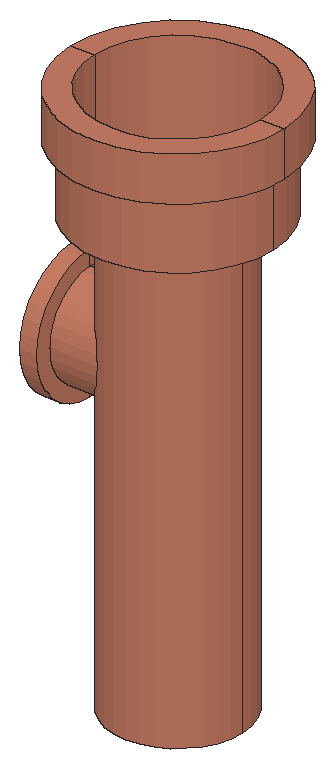
Revit family
Parameters (values of type "4510-02")
  Weight (lb) = 6.3
  Warranty = "1 year material and workmanship"  # constant formula
  URL = "http://www.jrsmith.com"
  Top Hub = Pipe Radius + 19/32"  # 1 19/32"
  Technical and Installation = "http://jrsmith.com/products/cleanout/tech_data_index.htm"
  SmartBIM Object Version = 3  # constant formula
  SmartBIM Object Created By = "Reed Construction Data"  # constant formula
  Product URL = "http://jrsmith.com/products/cleanout/cleanouts_4510_4530.htm"
  Pipe Radius = Pipe Diameter / 2  # 1"
  Pipe Diameter = 2"
  OmniClass Title = "Facility Drainage Piping Cleanouts"  # constant formula
  OmniClass Code = "22-22 13 19 13"  # constant formula
  No Hub Connection = yes
  Model = "4510"  # constant formula
  Material Finish = Duco Coated
  Material = Cast Iron
  Manufacturer = "Jay R. Smith Mfg. Co. "  # constant formula
  Floor Offset = 6"
  F = 2"
  Description = "Duco Cast Iron Cleanout Tee and Countersunk Plug with Stainless Steel Round Cover and Screw as Indicated by Figure Number Selected.\r\nCountersunk Plug with Stainless Steel\r\nRound Cover and Screw as Indicated\r\nby Figure Number Selected."  # constant formula
  Default Elevation = 48"
  D = 3/4"
  Connection Type = ""
  C = 10 1/2"
  B = 2 1/8"
  Assembly Code = "D2030400"
  95 CSI = "15155"  # constant formula
  04 CSI = "22 13 19"  # constant formula
Types (5): name | Weight (lb) | Top Hub | Pipe Radius | Pipe Diameter | F | D | C | B
  4510-02 | 6.3 | 1 19/32" | 1" | 2" | 2" | 3/4" | 10 1/2" | 2 1/8"
  4510-03 | 10 | 2 3/32" | 1 1/2" | 3" | 2 1/2" | 1 1/4" | 11 3/4" | 2 3/4"
  4510-04 | 13.74 | 2 19/32" | 2" | 4" | 3" | 1 1/4" | 12" | 2 3/4"
  4510-05 | 22.75 | 3 3/32" | 2 1/2" | 5" | 4" | 2 1/4" | 13" | 3 1/2"
  4510-06 | 36.2 | 3 19/32" | 3" | 6" | 4 1/2" | 3" | 16" | 4 5/8"
Reference planes (in)
  plane 1 "Center (Front/Back)": y = 0
  plane 2: z = 0
  plane 3 "Center (Left/Right)": x = 0
  plane 4: z = 0
Dimensions and locks (in)
  locked: plane 4 to level
  aligned and locked: plane 3 "Center (Left/Right)" to nested 1
  aligned and locked: nested 1 to plane 4
Nested families (in)
  nested 1: "4510" at (0, 0, 0), type "2" Diameter Outlet"
    with Top Hub 1 1/2", F 2", E 6", D 3/4", C 10 1/2", B 2 1/8", A 1"
Connectors (in)
  piping at (0, 0, 0.125), driven by "Top Hub"
    settings: on nested 1, index 1
  piping at (0, 0, -10.5), driven by "Pipe Radius"
    settings: on nested 1, index 2
Definition of nested family "4510"
  Parameters (values of type "2" Diameter Outlet")
    URL = ""
    Top Hub = A + 1/2"  # 3 1/2"
    Model = ""
    Material Finish = Duco Coated
    Material = none
    Manufacturer = ""
    F = 4 1/2"
    E = 9"
    Description = ""
    D = 3"
    C = 16"
    B = 4 5/8"
    Assembly Code = ""
    A = 3"
  Reference planes (in)
    plane 1 "Center (Front/Back)": y = 0
    plane 2: z = 0
    plane 3 "Center (Left/Right)": x = 0
    plane 4: z = 0
    plane 5: z = -16
    plane 6: z = -8.83929
    plane 7: x = 0
    plane 8: z = -7
    plane 9: x = -4.5
    plane 10: x = -4.17391
  Forms (in)
    Revolve 1, solid, material "Duco Coated" <- "Material Finish", detail levels medium+fine
      sketch origin (-2.86719, 0, -5.25) x (0, 0, -1) y (1, 0, 0)
        loop
          line (-5.375, -0.72147) -> (-5.375, -1.17444) -> (-4.51913, -1.17444) -> (-4.51913, -0.95999) -> (-3.22604, -0.95999) -> (-2.92111, -0.37371) -> (10.75, -0.37371) -> (10.75, -0.13281) -> (-3.0534, -0.13281) -> (-3.35961, -0.72147) -> (-5.375, -0.72147)
        axis (-5.375, 2.86719) -> (10.75, 2.86719)
      angle from 0 to 360
    Revolve 2, solid, material "Duco Coated" <- "Material Finish", detail levels medium+fine
      sketch origin (-2.86719, 0, -5.25) x (0, 0, -1) y (1, 0, 0)
        loop
          line (1.75, -1.30673) -> (2.07432, -1.30673) -> (2.07432, -1.63281) -> (4.71875, -1.63281) -> (4.71875, -1.47751) -> (4.75, -1.47751) -> (4.75, -1.63281) -> (5.26797, -1.63281) -> (5.26797, -1.30673) -> (4.97857, -1.30673) -> (4.97857, 2.86719) -> (1.75, 2.86719) -> (1.75, -1.30673)
        axis (1.75, 2.86719) -> (1.75, -1.63281)
      angle from 0 to 360
    Extrusion 3, void
      sketch origin (0, 0, 0) x (1, 0, 0) y (0, 1, 0)
        loop
          circle (0, 0) r 3
      from -16 to 0
  Cuts and joins
    Extrusion 3 cuts Revolve 1
    Extrusion 3 cuts Revolve 2
    joined: Revolve 1, Revolve 2
  Lines and regions (in)
    model lines
      curve 1: line (0, 0, -7) -> (-4.5, 0, -7)
      curve 2: line (0, 0, 0) -> (0, 0, -16)
      curve 3: line (-4.5, 0, -4) -> (-4.5, 0, -10)
  Dimensions and locks (in)
    plane 5 to plane 4 = 16"
    "C": plane 5 to plane 4
    Revolve 1 sketch curve to Revolve 1 sketch curve to Revolve 1 sketch curve to Revolve 1 sketch curve to Revolve 1 sketch curve to plane 4 = 0.13229" locked, 0.17264" locked, 0.13357" locked, 1.15952" locked, 0.73087" locked
    "E": plane 8 to plane 5
    "D": plane 8 to Revolve 2 sketch curve
    locked: Revolve 2 sketch curve to Revolve 2 sketch curve at 0.03125
    "A": plane 7 to Revolve 1 sketch curve
    "F": plane 7 to plane 9
    locked: plane 10 to plane 9 at 0.32609
    Revolve 2 sketch curve to Revolve 2 sketch curve to Revolve 2 sketch curve = 0.28941" locked, 0.22857" locked
    Revolve 1 sketch curve to Revolve 1 sketch curve to Revolve 1 sketch curve to Revolve 1 sketch curve = 0.34776" locked, 0.23852" locked, 0.21445" locked
    "D": curve 3 to plane 8
    "D": plane 8 to curve 3
    locked: Revolve 1 sketch curve to level at 0.125
    aligned and locked: plane 7 to Revolve 1 sketch curve
    aligned and locked: plane 5 to Revolve 1 sketch curve
    aligned and locked: Revolve 2 sketch curve to plane 8
    aligned and locked: Revolve 2 sketch curve to plane 7
    aligned and locked: Revolve 2 sketch curve to Revolve 2 sketch curve
    aligned and locked: plane 9 to Revolve 2 sketch curve  (x2)
    aligned and locked: plane 10 to Revolve 2 sketch curve
    aligned and locked: Revolve 2 sketch curve to plane 10
    aligned and locked: curve 3 to Revolve 2  (x2)
    aligned and locked: Extrusion 3 sketch curve to Revolve 1  (x2)
    aligned and locked: plane 5 to Extrusion 3
    aligned and locked: level to Extrusion 3
  Automatic sketch dimensions
    Revolve 2 sketch curve to plane 3 "Center (Left/Right)" = 0"
    Revolve 2 sketch curve to Revolve 2 sketch curve = 0.32432"
    plane 9 to Revolve 2 sketch curve = 111/128"
    Revolve 2 sketch curve to plane 9 = 0.15531"
    curve 2 to plane 3 "Center (Left/Right)" = 0"
    curve 2 to plane 5 = 0"
    curve 1 to plane 8 = 0"
    curve 2 to level = 0"
    Revolve 1 sketch curve to level = 0"
    Revolve 1 sketch curve to plane 5 = 0"
    Revolve 1 sketch curve to Revolve 1 sketch curve = 0.24089"
